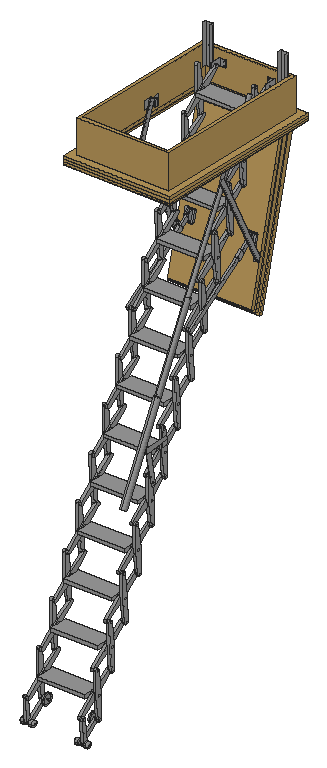
Revit family "schaartrap_Large Ei-60-H 700x1200mm", category Generic Models, Revit 2019
Family settings
  Can host rebar = No
  Round Connector Dimension = Use Diameter
  Part Type = Normal
  Work Plane-Based = Yes
  Always vertical = Yes
  Cut with Voids When Loaded = No
  Shared = Yes
  Room Calculation Point = No
Parameters
  schaartrap = gietaluminium
  deksel = hout
  bovenliggende treden = yes
  URL = "https://www.gortergroup.com/nl/producten/ladders-en-trappen/schaartrappen/large-ei-60.html"
  Model = "Large Ei-60-H 700x1200mm"  # constant formula
  Default Elevation = 0 mm
Reference planes
  plane 1 "Center (Front/Back)": y = 0
  plane 2: z = 0
  plane 3 "Center (Left/Right)": x = 0
  plane 4: x = 183
  plane 5: x = -183
  plane 6: x = 203
  plane 7: x = 223
  plane 8: x = -203
  plane 9: x = -223
  plane 10: x = 342.5
  plane 11: x = -342.5
  plane 12: x = 187
  plane 13: z = 3135.001
  plane 14: z = 3165.001
  plane 15: z = 3150.001
  plane 16: through (0, 253.817, 931.374) normal (0, 0.8358, -0.5491)
  plane 17: x = -342
  plane 18: x = -327
  plane 19: x = -312
  plane 20: x = 342
  plane 21: x = 327
  plane 22: x = 312
  plane 23: through (0, 138.969, 1377.523) normal (0, 0.9283, -0.3719)
  plane 24 "bk. omtimmering": z = 3250
  plane 25: x = 395
  plane 26: x = -395
  plane 27 "traplijn": through (0, 1349.092, 3113.006) normal (0, -0.9104, 0.4136)
  plane 28 "Center L/U": z = 3750
  plane 29: z = 3500
  plane 30: y = 648.321
  plane 31: y = 1838.321
Forms (mm)
  Extrusion 1, solid, material "gietaluminium" <- "schaartrap", not visible
    sketch origin (0, 1287.292, 0) x (0, 1, 0) y (0, 0, 1)
      loop
        arc (383.463, 491.215) -> (402.907, 492.835) -> (404.412, 512.289) r 15.051
        line (404.412, 512.289) -> (266.613, 611.373)
        arc (266.613, 611.373) -> (251.68, 609.471) -> (253.23, 594.497) r 10.772
        line (253.23, 594.497) -> (383.463, 491.215)
      loop
        arc (257.005, 811.319) -> (199.081, 850.666) -> (139.166, 886.911) r 1330.136
        arc (139.166, 886.911) -> (124.945, 883.983) -> (126.016, 869.503) r 11
        arc (126.016, 869.503) -> (191.997, 808.952) -> (261.902, 752.979) r 1330.136
        arc (261.902, 752.979) -> (329.343, 705.788) -> (399.574, 662.858) r 1330.136
        arc (399.574, 662.858) -> (413.795, 665.786) -> (412.724, 680.266) r 11
        arc (412.724, 680.266) -> (337.375, 748.775) -> (257.005, 811.319) r 1330.136
      loop
        arc (133.415, 1083.359) -> (75.49, 1122.706) -> (15.576, 1158.951) r 1330.136
        arc (15.576, 1158.951) -> (1.355, 1156.022) -> (2.426, 1141.543) r 11
        arc (2.426, 1141.543) -> (68.406, 1080.992) -> (138.312, 1025.019) r 1330.136
        arc (138.312, 1025.019) -> (205.753, 977.827) -> (275.984, 934.898) r 1330.136
        arc (275.984, 934.898) -> (290.205, 937.826) -> (289.134, 952.306) r 11
        arc (289.134, 952.306) -> (213.785, 1020.815) -> (133.415, 1083.359) r 1330.136
      loop
        arc (9.825, 1355.398) -> (-48.1, 1394.746) -> (-108.015, 1430.99) r 1330.136
        arc (-108.015, 1430.99) -> (-122.236, 1428.062) -> (-121.165, 1413.582) r 11
        arc (-121.165, 1413.582) -> (-55.184, 1353.032) -> (14.722, 1297.058) r 1330.136
        arc (14.722, 1297.058) -> (82.163, 1249.867) -> (152.393, 1206.938) r 1330.136
        arc (152.393, 1206.938) -> (166.614, 1209.866) -> (165.543, 1224.346) r 11
        arc (165.543, 1224.346) -> (90.194, 1292.855) -> (9.825, 1355.398) r 1330.136
      loop
        arc (-113.765, 1627.438) -> (-171.69, 1666.785) -> (-231.605, 1703.03) r 1330.136
        arc (-231.605, 1703.03) -> (-245.826, 1700.102) -> (-244.755, 1685.622) r 11
        arc (-244.755, 1685.622) -> (-178.774, 1625.072) -> (-108.869, 1569.098) r 1330.136
        arc (-108.869, 1569.098) -> (-41.428, 1521.907) -> (28.803, 1478.977) r 1330.136
        arc (28.803, 1478.977) -> (43.024, 1481.906) -> (41.953, 1496.385) r 11
        arc (41.953, 1496.385) -> (-33.396, 1564.894) -> (-113.765, 1627.438) r 1330.136
      loop
        arc (-237.356, 1899.478) -> (-295.28, 1938.825) -> (-355.195, 1975.07) r 1330.136
        arc (-355.195, 1975.07) -> (-369.416, 1972.141) -> (-368.345, 1957.662) r 11
        arc (-368.345, 1957.662) -> (-302.364, 1897.111) -> (-232.459, 1841.138) r 1330.136
        arc (-232.459, 1841.138) -> (-165.018, 1793.947) -> (-94.787, 1751.017) r 1330.136
        arc (-94.787, 1751.017) -> (-80.566, 1753.945) -> (-81.637, 1768.425) r 11
        arc (-81.637, 1768.425) -> (-156.986, 1836.934) -> (-237.356, 1899.478) r 1330.136
      loop
        arc (-360.946, 2171.517) -> (-418.87, 2210.865) -> (-478.785, 2247.109) r 1330.136
        arc (-478.785, 2247.109) -> (-493.006, 2244.181) -> (-491.935, 2229.701) r 11
        arc (-491.935, 2229.701) -> (-425.955, 2169.151) -> (-356.049, 2113.178) r 1330.136
        arc (-356.049, 2113.178) -> (-288.608, 2065.986) -> (-218.377, 2023.057) r 1330.136
        arc (-218.377, 2023.057) -> (-204.156, 2025.985) -> (-205.227, 2040.465) r 11
        arc (-205.227, 2040.465) -> (-280.576, 2108.974) -> (-360.946, 2171.517) r 1330.136
      loop
        arc (-484.536, 2443.557) -> (-542.461, 2482.905) -> (-602.375, 2519.149) r 1330.136
        arc (-602.375, 2519.149) -> (-616.596, 2516.221) -> (-615.525, 2501.741) r 11
        arc (-615.525, 2501.741) -> (-549.545, 2441.191) -> (-479.639, 2385.217) r 1330.136
        arc (-479.639, 2385.217) -> (-412.198, 2338.026) -> (-341.967, 2295.096) r 1330.136
        arc (-341.967, 2295.096) -> (-327.746, 2298.025) -> (-328.817, 2312.504) r 11
        arc (-328.817, 2312.504) -> (-404.167, 2381.014) -> (-484.536, 2443.557) r 1330.136
      loop
        arc (-608.126, 2715.597) -> (-666.051, 2754.944) -> (-725.966, 2791.189) r 1330.136
        arc (-725.966, 2791.189) -> (-740.187, 2788.261) -> (-739.116, 2773.781) r 11
        arc (-739.116, 2773.781) -> (-673.135, 2713.23) -> (-603.229, 2657.257) r 1330.136
        arc (-603.229, 2657.257) -> (-535.788, 2610.066) -> (-465.558, 2567.136) r 1330.136
        arc (-465.558, 2567.136) -> (-451.337, 2570.064) -> (-452.408, 2584.544) r 11
        arc (-452.408, 2584.544) -> (-527.757, 2653.053) -> (-608.126, 2715.597) r 1330.136
      loop
        arc (-731.717, 2987.637) -> (-789.641, 3026.984) -> (-849.556, 3063.228) r 1330.136
        arc (-849.556, 3063.228) -> (-863.777, 3060.3) -> (-862.706, 3045.82) r 11
        arc (-862.706, 3045.82) -> (-796.725, 2985.27) -> (-726.82, 2929.297) r 1330.136
        arc (-726.82, 2929.297) -> (-659.379, 2882.105) -> (-589.148, 2839.176) r 1330.136
        arc (-589.148, 2839.176) -> (-574.927, 2842.104) -> (-575.998, 2856.584) r 11
        arc (-575.998, 2856.584) -> (-651.347, 2925.093) -> (-731.717, 2987.637) r 1330.136
      loop
        arc (-978.897, 3531.716) -> (-1036.821, 3571.063) -> (-1096.736, 3607.308) r 1330.136
        arc (-1096.736, 3607.308) -> (-1110.957, 3604.38) -> (-1109.886, 3589.9) r 11
        arc (-1109.886, 3589.9) -> (-1043.906, 3529.349) -> (-974, 3473.376) r 1330.136
        arc (-974, 3473.376) -> (-906.559, 3426.185) -> (-836.328, 3383.255) r 1330.136
        arc (-836.328, 3383.255) -> (-822.107, 3386.183) -> (-823.178, 3400.663) r 11
        arc (-823.178, 3400.663) -> (-898.527, 3469.172) -> (-978.897, 3531.716) r 1330.136
      loop
        arc (-855.307, 3259.676) -> (-913.231, 3299.024) -> (-973.146, 3335.268) r 1330.136
        arc (-973.146, 3335.268) -> (-987.367, 3332.34) -> (-986.296, 3317.86) r 11
        arc (-986.296, 3317.86) -> (-920.315, 3257.31) -> (-850.41, 3201.336) r 1330.136
        arc (-850.41, 3201.336) -> (-782.969, 3154.145) -> (-712.738, 3111.216) r 1330.136
        arc (-712.738, 3111.216) -> (-698.517, 3114.144) -> (-699.588, 3128.624) r 11
        arc (-699.588, 3128.624) -> (-774.937, 3197.133) -> (-855.307, 3259.676) r 1330.136
      loop
        arc (-1102.487, 3803.756) -> (-1160.412, 3843.103) -> (-1220.326, 3879.348) r 1330.136
        arc (-1220.326, 3879.348) -> (-1234.548, 3876.419) -> (-1233.476, 3861.94) r 11
        arc (-1233.476, 3861.94) -> (-1167.496, 3801.389) -> (-1097.59, 3745.416) r 1330.136
        arc (-1097.59, 3745.416) -> (-1030.149, 3698.224) -> (-959.918, 3655.295) r 1330.136
        arc (-959.918, 3655.295) -> (-945.697, 3658.223) -> (-946.768, 3672.703) r 11
        arc (-946.768, 3672.703) -> (-1022.118, 3741.212) -> (-1102.487, 3803.756) r 1330.136
      loop
        arc (-1226.077, 4075.795) -> (-1284.002, 4115.143) -> (-1343.917, 4151.387) r 1330.136
        arc (-1343.917, 4151.387) -> (-1358.138, 4148.459) -> (-1357.067, 4133.979) r 11
        arc (-1357.067, 4133.979) -> (-1291.086, 4073.429) -> (-1221.18, 4017.455) r 1330.136
        arc (-1221.18, 4017.455) -> (-1153.739, 3970.264) -> (-1083.509, 3927.335) r 1330.136
        arc (-1083.509, 3927.335) -> (-1069.288, 3930.263) -> (-1070.359, 3944.743) r 11
        arc (-1070.359, 3944.743) -> (-1145.708, 4013.252) -> (-1226.077, 4075.795) r 1330.136
    from 366 to 386
  Extrusion 2, solid, material "gietaluminium" <- "schaartrap", not visible
    sketch origin (0, 1287.292, 0) x (0, 1, 0) y (0, 0, 1)
      loop
        arc (377.917, 499.393) -> (393.062, 487.789) -> (407.56, 500.192) r 15.158
        line (407.56, 500.192) -> (415.513, 667.728)
        arc (415.513, 667.728) -> (405.532, 679.238) -> (394.023, 669.256) r 10.772
        line (394.023, 669.256) -> (377.917, 499.393)
      loop
        arc (246.331, 604.672) -> (256.532, 594.34) -> (268.092, 603.125) r 11
        arc (268.092, 603.125) -> (291.314, 773.324) -> (292.409, 945.097) r 1330.136
        arc (292.409, 945.097) -> (282.208, 955.429) -> (270.647, 946.644) r 11
        arc (270.647, 946.644) -> (247.425, 776.445) -> (246.331, 604.672) r 1330.136
      loop
        arc (122.741, 876.712) -> (132.942, 866.38) -> (144.502, 875.165) r 11
        arc (144.502, 875.165) -> (167.724, 1045.364) -> (168.819, 1217.136) r 1330.136
        arc (168.819, 1217.136) -> (158.617, 1227.468) -> (147.057, 1218.684) r 11
        arc (147.057, 1218.684) -> (123.835, 1048.485) -> (122.741, 876.712) r 1330.136
      loop
        arc (-0.85, 1148.752) -> (9.352, 1138.42) -> (20.912, 1147.204) r 11
        arc (20.912, 1147.204) -> (44.134, 1317.404) -> (45.228, 1489.176) r 1330.136
        arc (45.228, 1489.176) -> (35.027, 1499.508) -> (23.467, 1490.724) r 11
        arc (23.467, 1490.724) -> (0.245, 1320.524) -> (-0.85, 1148.752) r 1330.136
      loop
        arc (-124.44, 1420.791) -> (-114.239, 1410.46) -> (-102.678, 1419.244) r 11
        arc (-102.678, 1419.244) -> (-79.456, 1589.443) -> (-78.362, 1761.216) r 1330.136
        arc (-78.362, 1761.216) -> (-88.563, 1771.548) -> (-100.123, 1762.763) r 11
        arc (-100.123, 1762.763) -> (-123.345, 1592.564) -> (-124.44, 1420.791) r 1330.136
      loop
        arc (-248.03, 1692.831) -> (-237.829, 1682.499) -> (-226.268, 1691.284) r 11
        arc (-226.268, 1691.284) -> (-203.046, 1861.483) -> (-201.952, 2033.256) r 1330.136
        arc (-201.952, 2033.256) -> (-212.153, 2043.588) -> (-223.714, 2034.803) r 11
        arc (-223.714, 2034.803) -> (-246.936, 1864.604) -> (-248.03, 1692.831) r 1330.136
      loop
        arc (-371.62, 1964.871) -> (-361.419, 1954.539) -> (-349.859, 1963.323) r 11
        arc (-349.859, 1963.323) -> (-326.637, 2133.523) -> (-325.542, 2305.295) r 1330.136
        arc (-325.542, 2305.295) -> (-335.743, 2315.627) -> (-347.304, 2306.843) r 11
        arc (-347.304, 2306.843) -> (-370.526, 2136.643) -> (-371.62, 1964.871) r 1330.136
      loop
        arc (-495.21, 2236.911) -> (-485.009, 2226.579) -> (-473.449, 2235.363) r 11
        arc (-473.449, 2235.363) -> (-450.227, 2405.562) -> (-449.132, 2577.335) r 1330.136
        arc (-449.132, 2577.335) -> (-459.334, 2587.667) -> (-470.894, 2578.882) r 11
        arc (-470.894, 2578.882) -> (-494.116, 2408.683) -> (-495.21, 2236.911) r 1330.136
      loop
        arc (-618.801, 2508.95) -> (-608.599, 2498.618) -> (-597.039, 2507.403) r 11
        arc (-597.039, 2507.403) -> (-573.817, 2677.602) -> (-572.723, 2849.375) r 1330.136
        arc (-572.723, 2849.375) -> (-582.924, 2859.707) -> (-594.484, 2850.922) r 11
        arc (-594.484, 2850.922) -> (-617.706, 2680.723) -> (-618.801, 2508.95) r 1330.136
      loop
        arc (-742.391, 2780.99) -> (-732.19, 2770.658) -> (-720.629, 2779.443) r 11
        arc (-720.629, 2779.443) -> (-697.407, 2949.642) -> (-696.313, 3121.414) r 1330.136
        arc (-696.313, 3121.414) -> (-706.514, 3131.746) -> (-718.074, 3122.962) r 11
        arc (-718.074, 3122.962) -> (-741.296, 2952.763) -> (-742.391, 2780.99) r 1330.136
      loop
        arc (-865.981, 3053.03) -> (-855.78, 3042.698) -> (-844.219, 3051.482) r 11
        arc (-844.219, 3051.482) -> (-820.997, 3221.681) -> (-819.903, 3393.454) r 1330.136
        arc (-819.903, 3393.454) -> (-830.104, 3403.786) -> (-841.665, 3395.001) r 11
        arc (-841.665, 3395.001) -> (-864.887, 3224.802) -> (-865.981, 3053.03) r 1330.136
      loop
        arc (-989.571, 3325.069) -> (-979.37, 3314.737) -> (-967.81, 3323.522) r 11
        arc (-967.81, 3323.522) -> (-944.588, 3493.721) -> (-943.493, 3665.494) r 1330.136
        arc (-943.493, 3665.494) -> (-953.694, 3675.826) -> (-965.255, 3667.041) r 11
        arc (-965.255, 3667.041) -> (-988.477, 3496.842) -> (-989.571, 3325.069) r 1330.136
      loop
        arc (-1113.161, 3597.109) -> (-1102.96, 3586.777) -> (-1091.4, 3595.562) r 11
        arc (-1091.4, 3595.562) -> (-1068.178, 3765.761) -> (-1067.083, 3937.533) r 1330.136
        arc (-1067.083, 3937.533) -> (-1077.285, 3947.865) -> (-1088.845, 3939.081) r 11
        arc (-1088.845, 3939.081) -> (-1112.067, 3768.882) -> (-1113.161, 3597.109) r 1330.136
      loop
        arc (-1236.752, 3869.149) -> (-1226.55, 3858.817) -> (-1214.99, 3867.601) r 11
        arc (-1214.99, 3867.601) -> (-1191.768, 4037.801) -> (-1190.674, 4209.573) r 1330.136
        arc (-1190.674, 4209.573) -> (-1200.875, 4219.905) -> (-1212.435, 4211.121) r 11
        arc (-1212.435, 4211.121) -> (-1235.657, 4040.921) -> (-1236.752, 3869.149) r 1330.136
    from 386 to 406
  Extrusion 3, solid, material "gietaluminium" <- "schaartrap", not visible
    sketch origin (0, 1283.562, -1.256) x (0, 1, 0) y (0, 0, 1)
      loop
        circle (261.042, 606.569) r 5
      loop
        circle (408.747, 673.673) r 5.05
      loop
        circle (273.099, 776.141) r 5.05
      loop
        circle (137.451, 878.608) r 5.05
      loop
        circle (285.157, 945.712) r 5.05
      loop
        circle (149.509, 1048.18) r 5.05
      loop
        circle (13.861, 1150.648) r 5.05
      loop
        circle (161.567, 1217.752) r 5.05
      loop
        circle (25.919, 1320.22) r 5.05
      loop
        circle (-109.729, 1422.688) r 5.05
      loop
        circle (37.976, 1489.792) r 5.05
      loop
        circle (-97.671, 1592.26) r 5.05
      loop
        circle (-233.319, 1694.728) r 5.05
      loop
        circle (-85.614, 1761.832) r 5.05
      loop
        circle (-221.262, 1864.299) r 5.05
      loop
        circle (-356.909, 1966.767) r 5.05
      loop
        circle (-344.852, 2136.339) r 5.05
      loop
        circle (-209.204, 2033.871) r 5.05
      loop
        circle (-480.5, 2238.807) r 5.05
      loop
        circle (-332.794, 2305.911) r 5.05
      loop
        circle (-468.442, 2408.379) r 5.05
      loop
        circle (-604.09, 2510.847) r 5.05
      loop
        circle (-456.384, 2577.951) r 5.05
      loop
        circle (-592.032, 2680.419) r 5.05
      loop
        circle (-727.68, 2782.886) r 5.05
      loop
        circle (-579.975, 2849.99) r 5.25
      loop
        circle (-715.622, 2952.258) r 5.05
      loop
        circle (-851.27, 3054.726) r 5.05
      loop
        circle (-703.565, 3122.03) r 5.05
      loop
        circle (-839.213, 3224.498) r 5.05
      loop
        circle (-974.86, 3326.966) r 5.05
      loop
        circle (-827.155, 3394.07) r 5.05
      loop
        circle (-962.803, 3496.538) r 5.05
      loop
        circle (-1098.451, 3599.005) r 5.05
      loop
        circle (-950.745, 3666.109) r 5.05
      loop
        circle (-1086.393, 3768.577) r 5.05
      loop
        circle (-1222.041, 3871.045) r 5.05
      loop
        circle (-1074.335, 3938.149) r 5.05
      loop
        circle (-1209.983, 4040.617) r 5.05
      loop
        circle (-1197.926, 4210.189) r 5.05
    from 406 to 411
  Extrusion 4, solid, material "gietaluminium" <- "schaartrap"
    sketch origin (0, 1700.252, -482.845) x (0, -1, 0) y (0, 0, -1)
      loop
        line (1488.321, -792.514) -> (1625.315, -791.253) -> (1625.094, -767.255) -> (1488.1, -768.515) -> (1488.321, -792.514)
      loop
        line (1364.731, -1064.554) -> (1501.725, -1063.293) -> (1501.504, -1039.294) -> (1364.51, -1040.555) -> (1364.731, -1064.554)
      loop
        line (1241.14, -1336.594) -> (1378.135, -1335.333) -> (1377.914, -1311.334) -> (1240.92, -1312.595) -> (1241.14, -1336.594)
      loop
        line (1117.55, -1608.633) -> (1254.544, -1607.373) -> (1254.324, -1583.374) -> (1117.329, -1584.634) -> (1117.55, -1608.633)
      loop
        line (993.96, -1880.673) -> (1130.954, -1879.412) -> (1130.733, -1855.413) -> (993.739, -1856.674) -> (993.96, -1880.673)
      loop
        line (870.37, -2152.713) -> (1007.364, -2151.452) -> (1007.143, -2127.453) -> (870.149, -2128.714) -> (870.37, -2152.713)
      loop
        line (746.78, -2424.752) -> (883.774, -2423.492) -> (883.553, -2399.493) -> (746.559, -2400.753) -> (746.78, -2424.752)
      loop
        line (623.189, -2696.792) -> (760.184, -2695.531) -> (759.963, -2671.532) -> (622.969, -2672.793) -> (623.189, -2696.792)
      loop
        line (499.599, -2968.832) -> (636.593, -2967.571) -> (636.373, -2943.572) -> (499.378, -2944.833) -> (499.599, -2968.832)
      loop
        line (376.009, -3240.871) -> (513.003, -3239.611) -> (512.782, -3215.612) -> (375.788, -3216.872) -> (376.009, -3240.871)
      loop
        line (252.419, -3512.911) -> (389.413, -3511.65) -> (389.192, -3487.651) -> (252.198, -3488.912) -> (252.419, -3512.911)
      loop
        line (128.829, -3784.951) -> (265.823, -3783.69) -> (265.602, -3759.691) -> (128.608, -3760.952) -> (128.829, -3784.951)
      loop
        line (5.238, -4056.991) -> (142.233, -4055.73) -> (142.012, -4031.731) -> (5.018, -4032.992) -> (5.238, -4056.991)
    from -176.5 to 176.5
  Extrusion 5, solid, material "gietaluminium" <- "schaartrap", not visible
    sketch origin (-7, 3322.714, 458.276) x (0, 1, 0) y (0, 0, 1)
      loop
        arc (-1753.943, 115.163) -> (-1739.778, 158.467) -> (-1775.347, 186.941) r 40
        arc (-1775.347, 186.941) -> (-1816.443, 135.606) -> (-1753.943, 115.163) r 40
      loop
        arc (-1756.791, 116.796) -> (-1742.692, 157.739) -> (-1777.105, 184.023) r 37
        arc (-1777.105, 184.023) -> (-1813.529, 136.334) -> (-1756.791, 116.796) r 37
    from 359 to 370
  Extrusion 6, solid, material "gietaluminium" <- "schaartrap", not visible
    sketch origin (183, 3322.714, 458.276) x (0, 1, 0) y (0, 0, 1)
      loop
        arc (-1777.105, 184.023) -> (-1813.529, 136.334) -> (-1756.791, 116.796) r 37
        arc (-1756.791, 116.796) -> (-1742.692, 157.739) -> (-1777.105, 184.023) r 37
    from 173 to 176.5
  Extrusion 7, solid, material "gietaluminium" <- "schaartrap", not visible
    sketch origin (701, 3325.594, 458.279) x (0, 1, 0) y (0, 0, -1)
      loop
        circle (-1783.87, -147.037) r 5
    from 359 to 335
  Extrusion 8, solid, material "gietaluminium" <- "schaartrap"
    sketch origin (183, 412.96, -482.845) x (0, -1, 0) y (0, 0, 1)
      loop
        arc (383.463, 491.215) -> (402.907, 492.835) -> (404.412, 512.289) r 15.051
        line (404.412, 512.289) -> (266.613, 611.373)
        arc (266.613, 611.373) -> (251.68, 609.471) -> (253.23, 594.497) r 10.772
        line (253.23, 594.497) -> (383.463, 491.215)
      loop
        arc (257.005, 811.319) -> (199.081, 850.666) -> (139.166, 886.911) r 1330.136
        arc (139.166, 886.911) -> (124.945, 883.983) -> (126.016, 869.503) r 11
        arc (126.016, 869.503) -> (191.997, 808.952) -> (261.902, 752.979) r 1330.136
        arc (261.902, 752.979) -> (329.343, 705.788) -> (399.574, 662.858) r 1330.136
        arc (399.574, 662.858) -> (413.795, 665.786) -> (412.724, 680.266) r 11
        arc (412.724, 680.266) -> (337.375, 748.775) -> (257.005, 811.319) r 1330.136
      loop
        arc (133.415, 1083.359) -> (75.49, 1122.706) -> (15.576, 1158.951) r 1330.136
        arc (15.576, 1158.951) -> (1.355, 1156.022) -> (2.426, 1141.543) r 11
        arc (2.426, 1141.543) -> (68.406, 1080.992) -> (138.312, 1025.019) r 1330.136
        arc (138.312, 1025.019) -> (205.753, 977.827) -> (275.984, 934.898) r 1330.136
        arc (275.984, 934.898) -> (290.205, 937.826) -> (289.134, 952.306) r 11
        arc (289.134, 952.306) -> (213.785, 1020.815) -> (133.415, 1083.359) r 1330.136
      loop
        arc (9.825, 1355.398) -> (-48.1, 1394.746) -> (-108.015, 1430.99) r 1330.136
        arc (-108.015, 1430.99) -> (-122.236, 1428.062) -> (-121.165, 1413.582) r 11
        arc (-121.165, 1413.582) -> (-55.184, 1353.032) -> (14.722, 1297.058) r 1330.136
        arc (14.722, 1297.058) -> (82.163, 1249.867) -> (152.393, 1206.938) r 1330.136
        arc (152.393, 1206.938) -> (166.614, 1209.866) -> (165.543, 1224.346) r 11
        arc (165.543, 1224.346) -> (90.194, 1292.855) -> (9.825, 1355.398) r 1330.136
      loop
        arc (-113.765, 1627.438) -> (-171.69, 1666.785) -> (-231.605, 1703.03) r 1330.136
        arc (-231.605, 1703.03) -> (-245.826, 1700.102) -> (-244.755, 1685.622) r 11
        arc (-244.755, 1685.622) -> (-178.774, 1625.072) -> (-108.869, 1569.098) r 1330.136
        arc (-108.869, 1569.098) -> (-41.428, 1521.907) -> (28.803, 1478.977) r 1330.136
        arc (28.803, 1478.977) -> (43.024, 1481.906) -> (41.953, 1496.385) r 11
        arc (41.953, 1496.385) -> (-33.396, 1564.894) -> (-113.765, 1627.438) r 1330.136
      loop
        arc (-237.356, 1899.478) -> (-295.28, 1938.825) -> (-355.195, 1975.07) r 1330.136
        arc (-355.195, 1975.07) -> (-369.416, 1972.141) -> (-368.345, 1957.662) r 11
        arc (-368.345, 1957.662) -> (-302.364, 1897.111) -> (-232.459, 1841.138) r 1330.136
        arc (-232.459, 1841.138) -> (-165.018, 1793.947) -> (-94.787, 1751.017) r 1330.136
        arc (-94.787, 1751.017) -> (-80.566, 1753.945) -> (-81.637, 1768.425) r 11
        arc (-81.637, 1768.425) -> (-156.986, 1836.934) -> (-237.356, 1899.478) r 1330.136
      loop
        arc (-360.946, 2171.517) -> (-418.87, 2210.865) -> (-478.785, 2247.109) r 1330.136
        arc (-478.785, 2247.109) -> (-493.006, 2244.181) -> (-491.935, 2229.701) r 11
        arc (-491.935, 2229.701) -> (-425.955, 2169.151) -> (-356.049, 2113.178) r 1330.136
        arc (-356.049, 2113.178) -> (-288.608, 2065.986) -> (-218.377, 2023.057) r 1330.136
        arc (-218.377, 2023.057) -> (-204.156, 2025.985) -> (-205.227, 2040.465) r 11
        arc (-205.227, 2040.465) -> (-280.576, 2108.974) -> (-360.946, 2171.517) r 1330.136
      loop
        arc (-484.536, 2443.557) -> (-542.461, 2482.905) -> (-602.375, 2519.149) r 1330.136
        arc (-602.375, 2519.149) -> (-616.596, 2516.221) -> (-615.525, 2501.741) r 11
        arc (-615.525, 2501.741) -> (-549.545, 2441.191) -> (-479.639, 2385.217) r 1330.136
        arc (-479.639, 2385.217) -> (-412.198, 2338.026) -> (-341.967, 2295.096) r 1330.136
        arc (-341.967, 2295.096) -> (-327.746, 2298.025) -> (-328.817, 2312.504) r 11
        arc (-328.817, 2312.504) -> (-404.167, 2381.014) -> (-484.536, 2443.557) r 1330.136
      loop
        arc (-608.126, 2715.597) -> (-666.051, 2754.944) -> (-725.966, 2791.189) r 1330.136
        arc (-725.966, 2791.189) -> (-740.187, 2788.261) -> (-739.116, 2773.781) r 11
        arc (-739.116, 2773.781) -> (-673.135, 2713.23) -> (-603.229, 2657.257) r 1330.136
        arc (-603.229, 2657.257) -> (-535.788, 2610.066) -> (-465.558, 2567.136) r 1330.136
        arc (-465.558, 2567.136) -> (-451.337, 2570.064) -> (-452.408, 2584.544) r 11
        arc (-452.408, 2584.544) -> (-527.757, 2653.053) -> (-608.126, 2715.597) r 1330.136
      loop
        arc (-731.717, 2987.637) -> (-789.641, 3026.984) -> (-849.556, 3063.228) r 1330.136
        arc (-849.556, 3063.228) -> (-863.777, 3060.3) -> (-862.706, 3045.82) r 11
        arc (-862.706, 3045.82) -> (-796.725, 2985.27) -> (-726.82, 2929.297) r 1330.136
        arc (-726.82, 2929.297) -> (-659.379, 2882.105) -> (-589.148, 2839.176) r 1330.136
        arc (-589.148, 2839.176) -> (-574.927, 2842.104) -> (-575.998, 2856.584) r 11
        arc (-575.998, 2856.584) -> (-651.347, 2925.093) -> (-731.717, 2987.637) r 1330.136
      loop
        arc (-978.897, 3531.716) -> (-1036.821, 3571.063) -> (-1096.736, 3607.308) r 1330.136
        arc (-1096.736, 3607.308) -> (-1110.957, 3604.38) -> (-1109.886, 3589.9) r 11
        arc (-1109.886, 3589.9) -> (-1043.906, 3529.349) -> (-974, 3473.376) r 1330.136
        arc (-974, 3473.376) -> (-906.559, 3426.185) -> (-836.328, 3383.255) r 1330.136
        arc (-836.328, 3383.255) -> (-822.107, 3386.183) -> (-823.178, 3400.663) r 11
        arc (-823.178, 3400.663) -> (-898.527, 3469.172) -> (-978.897, 3531.716) r 1330.136
      loop
        arc (-855.307, 3259.676) -> (-913.231, 3299.024) -> (-973.146, 3335.268) r 1330.136
        arc (-973.146, 3335.268) -> (-987.367, 3332.34) -> (-986.296, 3317.86) r 11
        arc (-986.296, 3317.86) -> (-920.315, 3257.31) -> (-850.41, 3201.336) r 1330.136
        arc (-850.41, 3201.336) -> (-782.969, 3154.145) -> (-712.738, 3111.216) r 1330.136
        arc (-712.738, 3111.216) -> (-698.517, 3114.144) -> (-699.588, 3128.624) r 11
        arc (-699.588, 3128.624) -> (-774.937, 3197.133) -> (-855.307, 3259.676) r 1330.136
      loop
        arc (-1102.487, 3803.756) -> (-1160.412, 3843.103) -> (-1220.326, 3879.348) r 1330.136
        arc (-1220.326, 3879.348) -> (-1234.548, 3876.419) -> (-1233.476, 3861.94) r 11
        arc (-1233.476, 3861.94) -> (-1167.496, 3801.389) -> (-1097.59, 3745.416) r 1330.136
        arc (-1097.59, 3745.416) -> (-1030.149, 3698.224) -> (-959.918, 3655.295) r 1330.136
        arc (-959.918, 3655.295) -> (-945.697, 3658.223) -> (-946.768, 3672.703) r 11
        arc (-946.768, 3672.703) -> (-1022.118, 3741.212) -> (-1102.487, 3803.756) r 1330.136
      loop
        arc (-1226.077, 4075.795) -> (-1284.002, 4115.143) -> (-1343.917, 4151.387) r 1330.136
        arc (-1343.917, 4151.387) -> (-1358.138, 4148.459) -> (-1357.067, 4133.979) r 11
        arc (-1357.067, 4133.979) -> (-1291.086, 4073.429) -> (-1221.18, 4017.455) r 1330.136
        arc (-1221.18, 4017.455) -> (-1153.739, 3970.264) -> (-1083.509, 3927.335) r 1330.136
        arc (-1083.509, 3927.335) -> (-1069.288, 3930.263) -> (-1070.359, 3944.743) r 11
        arc (-1070.359, 3944.743) -> (-1145.708, 4013.252) -> (-1226.077, 4075.795) r 1330.136
    from 366 to 386
  Extrusion 9, solid, material "gietaluminium" <- "schaartrap"
    sketch origin (183, 412.96, -482.845) x (0, -1, 0) y (0, 0, 1)
      loop
        arc (377.917, 499.393) -> (393.062, 487.789) -> (407.56, 500.192) r 15.158
        line (407.56, 500.192) -> (415.513, 667.728)
        arc (415.513, 667.728) -> (405.532, 679.238) -> (394.023, 669.256) r 10.772
        line (394.023, 669.256) -> (377.917, 499.393)
      loop
        arc (246.331, 604.672) -> (256.532, 594.34) -> (268.092, 603.125) r 11
        arc (268.092, 603.125) -> (291.314, 773.324) -> (292.409, 945.097) r 1330.136
        arc (292.409, 945.097) -> (282.208, 955.429) -> (270.647, 946.644) r 11
        arc (270.647, 946.644) -> (247.425, 776.445) -> (246.331, 604.672) r 1330.136
      loop
        arc (122.741, 876.712) -> (132.942, 866.38) -> (144.502, 875.165) r 11
        arc (144.502, 875.165) -> (167.724, 1045.364) -> (168.819, 1217.136) r 1330.136
        arc (168.819, 1217.136) -> (158.617, 1227.468) -> (147.057, 1218.684) r 11
        arc (147.057, 1218.684) -> (123.835, 1048.485) -> (122.741, 876.712) r 1330.136
      loop
        arc (-0.85, 1148.752) -> (9.352, 1138.42) -> (20.912, 1147.204) r 11
        arc (20.912, 1147.204) -> (44.134, 1317.404) -> (45.228, 1489.176) r 1330.136
        arc (45.228, 1489.176) -> (35.027, 1499.508) -> (23.467, 1490.724) r 11
        arc (23.467, 1490.724) -> (0.245, 1320.524) -> (-0.85, 1148.752) r 1330.136
      loop
        arc (-124.44, 1420.791) -> (-114.239, 1410.46) -> (-102.678, 1419.244) r 11
        arc (-102.678, 1419.244) -> (-79.456, 1589.443) -> (-78.362, 1761.216) r 1330.136
        arc (-78.362, 1761.216) -> (-88.563, 1771.548) -> (-100.123, 1762.763) r 11
        arc (-100.123, 1762.763) -> (-123.345, 1592.564) -> (-124.44, 1420.791) r 1330.136
      loop
        arc (-248.03, 1692.831) -> (-237.829, 1682.499) -> (-226.268, 1691.284) r 11
        arc (-226.268, 1691.284) -> (-203.046, 1861.483) -> (-201.952, 2033.256) r 1330.136
        arc (-201.952, 2033.256) -> (-212.153, 2043.588) -> (-223.714, 2034.803) r 11
        arc (-223.714, 2034.803) -> (-246.936, 1864.604) -> (-248.03, 1692.831) r 1330.136
      loop
        arc (-371.62, 1964.871) -> (-361.419, 1954.539) -> (-349.859, 1963.323) r 11
        arc (-349.859, 1963.323) -> (-326.637, 2133.523) -> (-325.542, 2305.295) r 1330.136
        arc (-325.542, 2305.295) -> (-335.743, 2315.627) -> (-347.304, 2306.843) r 11
        arc (-347.304, 2306.843) -> (-370.526, 2136.643) -> (-371.62, 1964.871) r 1330.136
      loop
        arc (-495.21, 2236.911) -> (-485.009, 2226.579) -> (-473.449, 2235.363) r 11
        arc (-473.449, 2235.363) -> (-450.227, 2405.562) -> (-449.132, 2577.335) r 1330.136
        arc (-449.132, 2577.335) -> (-459.334, 2587.667) -> (-470.894, 2578.882) r 11
        arc (-470.894, 2578.882) -> (-494.116, 2408.683) -> (-495.21, 2236.911) r 1330.136
      loop
        arc (-618.801, 2508.95) -> (-608.599, 2498.618) -> (-597.039, 2507.403) r 11
        arc (-597.039, 2507.403) -> (-573.817, 2677.602) -> (-572.723, 2849.375) r 1330.136
        arc (-572.723, 2849.375) -> (-582.924, 2859.707) -> (-594.484, 2850.922) r 11
        arc (-594.484, 2850.922) -> (-617.706, 2680.723) -> (-618.801, 2508.95) r 1330.136
      loop
        arc (-742.391, 2780.99) -> (-732.19, 2770.658) -> (-720.629, 2779.443) r 11
        arc (-720.629, 2779.443) -> (-697.407, 2949.642) -> (-696.313, 3121.414) r 1330.136
        arc (-696.313, 3121.414) -> (-706.514, 3131.746) -> (-718.074, 3122.962) r 11
        arc (-718.074, 3122.962) -> (-741.296, 2952.763) -> (-742.391, 2780.99) r 1330.136
      loop
        arc (-865.981, 3053.03) -> (-855.78, 3042.698) -> (-844.219, 3051.482) r 11
        arc (-844.219, 3051.482) -> (-820.997, 3221.681) -> (-819.903, 3393.454) r 1330.136
        arc (-819.903, 3393.454) -> (-830.104, 3403.786) -> (-841.665, 3395.001) r 11
        arc (-841.665, 3395.001) -> (-864.887, 3224.802) -> (-865.981, 3053.03) r 1330.136
      loop
        arc (-989.571, 3325.069) -> (-979.37, 3314.737) -> (-967.81, 3323.522) r 11
        arc (-967.81, 3323.522) -> (-944.588, 3493.721) -> (-943.493, 3665.494) r 1330.136
        arc (-943.493, 3665.494) -> (-953.694, 3675.826) -> (-965.255, 3667.041) r 11
        arc (-965.255, 3667.041) -> (-988.477, 3496.842) -> (-989.571, 3325.069) r 1330.136
      loop
        arc (-1113.161, 3597.109) -> (-1102.96, 3586.777) -> (-1091.4, 3595.562) r 11
        arc (-1091.4, 3595.562) -> (-1068.178, 3765.761) -> (-1067.083, 3937.533) r 1330.136
        arc (-1067.083, 3937.533) -> (-1077.285, 3947.865) -> (-1088.845, 3939.081) r 11
        arc (-1088.845, 3939.081) -> (-1112.067, 3768.882) -> (-1113.161, 3597.109) r 1330.136
      loop
        arc (-1236.752, 3869.149) -> (-1226.55, 3858.817) -> (-1214.99, 3867.601) r 11
        arc (-1214.99, 3867.601) -> (-1191.768, 4037.801) -> (-1190.674, 4209.573) r 1330.136
        arc (-1190.674, 4209.573) -> (-1200.875, 4219.905) -> (-1212.435, 4211.121) r 11
        arc (-1212.435, 4211.121) -> (-1235.657, 4040.921) -> (-1236.752, 3869.149) r 1330.136
    from 386 to 406
  Extrusion 10, solid, material "gietaluminium" <- "schaartrap"
    sketch origin (183, 416.689, -484.101) x (0, -1, 0) y (0, 0, 1)
      loop
        circle (261.042, 606.569) r 5
      loop
        circle (408.747, 673.673) r 5.05
      loop
        circle (273.099, 776.141) r 5.05
      loop
        circle (137.451, 878.608) r 5.05
      loop
        circle (285.157, 945.712) r 5.05
      loop
        circle (149.509, 1048.18) r 5.05
      loop
        circle (13.861, 1150.648) r 5.05
      loop
        circle (161.567, 1217.752) r 5.05
      loop
        circle (25.919, 1320.22) r 5.05
      loop
        circle (-109.729, 1422.688) r 5.05
      loop
        circle (37.976, 1489.792) r 5.05
      loop
        circle (-97.671, 1592.26) r 5.05
      loop
        circle (-233.319, 1694.728) r 5.05
      loop
        circle (-85.614, 1761.832) r 5.05
      loop
        circle (-221.262, 1864.299) r 5.05
      loop
        circle (-356.909, 1966.767) r 5.05
      loop
        circle (-344.852, 2136.339) r 5.05
      loop
        circle (-209.204, 2033.871) r 5.05
      loop
        circle (-480.5, 2238.807) r 5.05
      loop
        circle (-332.794, 2305.911) r 5.05
      loop
        circle (-468.442, 2408.379) r 5.05
      loop
        circle (-604.09, 2510.847) r 5.05
      loop
        circle (-456.384, 2577.951) r 5.05
      loop
        circle (-592.032, 2680.419) r 5.05
      loop
        circle (-727.68, 2782.886) r 5.05
      loop
        circle (-579.975, 2849.99) r 5.25
      loop
        circle (-715.622, 2952.258) r 5.05
      loop
        circle (-851.27, 3054.726) r 5.05
      loop
        circle (-703.565, 3122.03) r 5.05
      loop
        circle (-839.213, 3224.498) r 5.05
      loop
        circle (-974.86, 3326.966) r 5.05
      loop
        circle (-827.155, 3394.07) r 5.05
      loop
        circle (-962.803, 3496.538) r 5.05
      loop
        circle (-1098.451, 3599.005) r 5.05
      loop
        circle (-950.745, 3666.109) r 5.05
      loop
        circle (-1086.393, 3768.577) r 5.05
      loop
        circle (-1222.041, 3871.045) r 5.05
      loop
        circle (-1074.335, 3938.149) r 5.05
      loop
        circle (-1209.983, 4040.617) r 5.05
      loop
        circle (-1197.926, 4210.189) r 5.05
    from 406 to 411
  Extrusion 11, solid, material "gietaluminium" <- "schaartrap"
    sketch origin (190, -1622.463, -24.569) x (0, -1, 0) y (0, 0, 1)
      loop
        arc (-1753.943, 115.163) -> (-1739.778, 158.467) -> (-1775.347, 186.941) r 40
        arc (-1775.347, 186.941) -> (-1816.443, 135.606) -> (-1753.943, 115.163) r 40
      loop
        arc (-1756.791, 116.796) -> (-1742.692, 157.739) -> (-1777.105, 184.023) r 37
        arc (-1777.105, 184.023) -> (-1813.529, 136.334) -> (-1756.791, 116.796) r 37
    from 359 to 370
  Extrusion 12, solid, material "gietaluminium" <- "schaartrap"
    sketch origin (0, -1622.463, -24.569) x (0, -1, 0) y (0, 0, 1)
      loop
        arc (-1777.105, 184.023) -> (-1813.529, 136.334) -> (-1756.791, 116.796) r 37
        arc (-1756.791, 116.796) -> (-1742.692, 157.739) -> (-1777.105, 184.023) r 37
    from 173 to 176.5
  Extrusion 13, solid, material "gietaluminium" <- "schaartrap"
    sketch origin (-518, -1625.342, -24.566) x (0, -1, 0) y (0, 0, -1)
      loop
        circle (-1783.87, -147.037) r 5
    from 359 to 335
  Sweep 14, solid, material "gietaluminium" <- "schaartrap"
    path origin (216.86, 110.064, 74.39) x (0, 0.995138, -0.098491) y (0, 0.098491, 0.995138)
      loop
        line (138.969, 1377.523) -> (396.642, 2020.838)
    profile origin (216.86, 543.921, 1738.933) x (0, -0.88717, 0.461443) y (1, 0, 0)
      loop
        circle (0, 0) r 20
  Sweep 15, solid, material "gietaluminium" <- "schaartrap"
    path origin (216.86, 382.777, 598.708) x (0, 0.995138, -0.098491) y (0, 0.098491, 0.995138)
      loop
        line (176.895, 1472.21) -> (404.715, 2040.993)
    profile origin (216.86, 845.177, 2318.127) x (0, -0.88717, 0.461443) y (1, 0, 0)
      loop
        circle (0, 0) r 17.5
  Sweep 16, solid, material "gietaluminium" <- "schaartrap"
    path origin (216.86, 589.823, 996.775) x (0, 0.995138, -0.098491) y (0, 0.098491, 0.995138)
      loop
        line (237.881, 1624.47) -> (495.195, 2266.888)
    profile origin (216.86, 1146.21, 2896.893) x (0, -0.88717, 0.461443) y (1, 0, 0)
      loop
        circle (0, 0) r 15
  Sweep 17, solid, material "gietaluminium" <- "schaartrap"
    path origin (216.86, 848.007, 1493.158) x (0, 0.995138, -0.098491) y (0, 0.098491, 0.995138)
      loop
        line (287.155, 1747.49) -> (495.376, 2267.34)
    profile origin (216.86, 1435.082, 3452.277) x (0, -0.88717, 0.461443) y (1, 0, 0)
      loop
        circle (0, 0) r 12.5
  Extrusion 18, solid, material "gietaluminium" <- "schaartrap"
    sketch origin (0, 248.971, 176.975) x (0, 0.998757, -0.049853) y (0, 0.049853, 0.998757)
      loop
        line (257, 1578.327) -> (319.569, 1325.967)
        arc (319.569, 1325.967) -> (335.331, 1324.724) -> (348.687, 1333.187) r 25
        line (348.687, 1333.187) -> (286.119, 1585.546)
        arc (286.119, 1585.546) -> (270.356, 1586.789) -> (257, 1578.327) r 25
    from 228 to 223
  Extrusion 19, solid, material "gietaluminium" <- "schaartrap"
    sketch origin (0, 248.971, 176.975) x (0, 0.998757, -0.049853) y (0, 0.049853, 0.998757)
      loop
        line (435.226, 1611.925) -> (260.054, 1590.65)
        arc (260.054, 1590.65) -> (257.872, 1575.275) -> (263.671, 1560.869) r 30
        line (263.671, 1560.869) -> (438.843, 1582.144)
        arc (438.843, 1582.144) -> (441.025, 1597.519) -> (435.226, 1611.925) r 30
    from 228 to 233
  Extrusion 20, solid, material "gietaluminium" <- "schaartrap"
    sketch origin (0, 248.971, 176.975) x (0, 0.998757, -0.049853) y (0, 0.049853, 0.998757)
      loop
        arc (417.587, 1545.835) -> (432.962, 1543.654) -> (447.368, 1549.452) r 30
        line (447.368, 1549.452) -> (435.678, 1645.707)
        arc (435.678, 1645.707) -> (420.302, 1647.888) -> (405.896, 1642.09) r 30
        line (405.896, 1642.09) -> (417.587, 1545.835)
    from 223 to 228
  Sweep 21, solid, material "gietaluminium" <- "schaartrap", not visible
    path origin (216.86, 168.536, 509.069) x (0, 0.994845, 0.101403) y (0, -0.101403, 0.994845)
      loop
        line (138.969, 1377.523) -> (396.642, 2020.838)
    profile origin (216.86, 262.66, 2226.647) x (0, -0.961223, 0.275772) y (1, 0, 0)
      loop
        circle (0, 0) r 20
  Sweep 22, solid, material "gietaluminium" <- "schaartrap", not visible
    path origin (216.86, 331.517, 1077.151) x (0, 0.994845, 0.101403) y (0, -0.101403, 0.994845)
      loop
        line (176.895, 1472.21) -> (404.715, 2040.993)
    profile origin (216.86, 442.699, 2854.187) x (0, -0.961223, 0.275772) y (1, 0, 0)
      loop
        circle (0, 0) r 17.5
  Sweep 23, solid, material "gietaluminium" <- "schaartrap", not visible
    path origin (216.86, 455.255, 1508.446) x (0, 0.994845, 0.101403) y (0, -0.101403, 0.994845)
      loop
        line (237.881, 1624.47) -> (495.195, 2266.888)
    profile origin (216.86, 622.606, 3481.263) x (0, -0.961223, 0.275772) y (1, 0, 0)
      loop
        circle (0, 0) r 15
  Sweep 24, solid, material "gietaluminium" <- "schaartrap", not visible
    path origin (216.86, 609.553, 2046.263) x (0, 0.994845, 0.101403) y (0, -0.101403, 0.994845)
      loop
        line (287.155, 1747.49) -> (495.376, 2267.34)
    profile origin (216.86, 795.244, 4083.006) x (0, -0.961223, 0.275772) y (1, 0, 0)
      loop
        circle (0, 0) r 12.5
  Extrusion 25, solid, material "gietaluminium" <- "schaartrap", not visible
    sketch origin (0, 284.264, 637.231) x (0, 0.988718, 0.149789) y (0, -0.149789, 0.988718)
      loop
        line (257, 1578.327) -> (319.569, 1325.967)
        arc (319.569, 1325.967) -> (335.331, 1324.724) -> (348.687, 1333.187) r 25
        line (348.687, 1333.187) -> (286.119, 1585.546)
        arc (286.119, 1585.546) -> (270.356, 1586.789) -> (257, 1578.327) r 25
    from 228 to 223
  Extrusion 26, solid, material "gietaluminium" <- "schaartrap", not visible
    sketch origin (0, 284.264, 637.231) x (0, 0.988718, 0.149789) y (0, -0.149789, 0.988718)
      loop
        line (435.226, 1611.925) -> (260.054, 1590.65)
        arc (260.054, 1590.65) -> (257.872, 1575.275) -> (263.671, 1560.869) r 30
        line (263.671, 1560.869) -> (438.843, 1582.144)
        arc (438.843, 1582.144) -> (441.025, 1597.519) -> (435.226, 1611.925) r 30
    from 228 to 233
  Extrusion 27, solid, material "gietaluminium" <- "schaartrap", not visible
    sketch origin (0, 284.264, 637.231) x (0, 0.988718, 0.149789) y (0, -0.149789, 0.988718)
      loop
        arc (417.587, 1545.835) -> (432.962, 1543.654) -> (447.368, 1549.452) r 30
        line (447.368, 1549.452) -> (435.678, 1645.707)
        arc (435.678, 1645.707) -> (420.302, 1647.888) -> (405.896, 1642.09) r 30
        line (405.896, 1642.09) -> (417.587, 1545.835)
    from 223 to 228
  Extrusion 28, solid, material "gietaluminium" <- "schaartrap", not visible
    sketch origin (183, 3652.718, 1640.901) x (0, 0.802537, 0.596603) y (0, -0.596603, 0.802537)
      loop
        line (-1880.215, 3349.267) -> (-1655.366, 2709.664) -> (-1627.064, 2719.613) -> (-1851.922, 3359.245)
        arc (-1851.922, 3359.245) -> (-1856.013, 3363.783) -> (-1862.113, 3364.111) r 8
        line (-1862.113, 3364.111) -> (-1875.32, 3359.468)
        arc (-1875.32, 3359.468) -> (-1879.88, 3355.381) -> (-1880.215, 3349.267) r 8
      loop
        circle (-1646.189, 2728.789) r 5.25
      loop
        circle (-1652.822, 2747.657) r 5.25
      loop
        circle (-1659.455, 2766.526) r 5.25
    from 223 to 238
  Extrusion 29, solid, material "gietaluminium" <- "schaartrap", not visible
    sketch origin (183, 3715.769, 1745.571) x (0, 0.802537, 0.596603) y (0, -0.596603, 0.802537)
      loop
        line (-1967.537, 3222.166) -> (-1949.696, 3171.416) -> (-1916.676, 3183.023) -> (-1934.517, 3233.774) -> (-1967.537, 3222.166)
    from 220 to 241
  Extrusion 30, solid, material "gietaluminium" <- "schaartrap", not visible
    sketch origin (183, 2779.353, 1069.443) x (0, 0.994439, 0.105318) y (0, -0.105318, 0.994439)
      loop
        line (-2403.756, 2457.137) -> (-2391.879, 2371.64) -> (-2372.589, 2409.185)
        arc (-2372.589, 2409.185) -> (-2370.96, 2416.961) -> (-2373.53, 2424.479) r 15
        line (-2373.53, 2424.479) -> (-2374.963, 2426.272) -> (-2403.756, 2457.137)
      loop
        circle (-2385.932, 2416.04) r 4
    from 238 to 246
  Extrusion 31, solid, material "gietaluminium" <- "schaartrap", not visible
    sketch origin (160, 2791.077, 1070.685) x (0, 0.994439, 0.105318) y (0, -0.105318, 0.994439)
      loop
        line (-2415.545, 2457.137) -> (-2403.667, 2371.64) -> (-2384.378, 2409.185)
        arc (-2384.378, 2409.185) -> (-2382.749, 2416.961) -> (-2385.319, 2424.479) r 15
        line (-2385.319, 2424.479) -> (-2386.752, 2426.272) -> (-2415.545, 2457.137)
      loop
        circle (-2397.72, 2416.04) r 4
    from 238 to 246
  Extrusion 32, solid, material "gietaluminium" <- "schaartrap"
    sketch origin (0, -1952.466, 1158.056) x (0, -0.802537, 0.596603) y (0, 0.596603, 0.802537)
      loop
        line (-1880.215, 3349.267) -> (-1655.366, 2709.664) -> (-1627.064, 2719.613) -> (-1851.922, 3359.245)
        arc (-1851.922, 3359.245) -> (-1856.013, 3363.783) -> (-1862.113, 3364.111) r 8
        line (-1862.113, 3364.111) -> (-1875.32, 3359.468)
        arc (-1875.32, 3359.468) -> (-1879.88, 3355.381) -> (-1880.215, 3349.267) r 8
      loop
        circle (-1646.189, 2728.789) r 5.25
      loop
        circle (-1652.822, 2747.657) r 5.25
      loop
        circle (-1659.455, 2766.526) r 5.25
    from 223 to 238
  Extrusion 33, solid, material "gietaluminium" <- "schaartrap"
    sketch origin (0, -2015.518, 1262.726) x (0, -0.802537, 0.596603) y (0, 0.596603, 0.802537)
      loop
        line (-1967.537, 3222.166) -> (-1949.696, 3171.416) -> (-1916.676, 3183.023) -> (-1934.517, 3233.774) -> (-1967.537, 3222.166)
    from 220 to 241
  Extrusion 34, solid, material "gietaluminium" <- "schaartrap"
    sketch origin (0, -1079.102, 586.598) x (0, -0.994439, 0.105318) y (0, 0.105318, 0.994439)
      loop
        line (-2403.756, 2457.137) -> (-2391.879, 2371.64) -> (-2372.589, 2409.185)
        arc (-2372.589, 2409.185) -> (-2370.96, 2416.961) -> (-2373.53, 2424.479) r 15
        line (-2373.53, 2424.479) -> (-2374.963, 2426.272) -> (-2403.756, 2457.137)
      loop
        circle (-2385.932, 2416.04) r 4
    from 238 to 246
  Extrusion 35, solid, material "gietaluminium" <- "schaartrap"
    sketch origin (23, -1090.825, 587.84) x (0, -0.994439, 0.105318) y (0, 0.105318, 0.994439)
      loop
        line (-2415.545, 2457.137) -> (-2403.667, 2371.64) -> (-2384.378, 2409.185)
        arc (-2384.378, 2409.185) -> (-2382.749, 2416.961) -> (-2385.319, 2424.479) r 15
        line (-2385.319, 2424.479) -> (-2386.752, 2426.272) -> (-2415.545, 2457.137)
      loop
        circle (-2397.72, 2416.04) r 4
    from 238 to 246
  Extrusion 36, solid, material "gietaluminium" <- "schaartrap"
    sketch origin (7.5, 1530.532, 2585.275) x (0, 0.241922, 0.970296) y (-1, 0, 0)
      loop
        line (92.201, 280.5) -> (92.201, 315) -> (32.201, 315) -> (32.201, 280.5) -> (92.201, 280.5)
    from 0 to 3.5
  Extrusion 37, solid, material "gietaluminium" <- "schaartrap"
    sketch origin (0, 9.296, -482.845) x (0, -1, 0) y (0, 0, 1)
      loop
        circle (-134.294, 774.885) r 21
      loop
        circle (-257.884, 1046.924) r 21
      loop
        circle (-381.474, 1318.964) r 21
      loop
        circle (-505.065, 1591.004) r 21
      loop
        circle (-628.655, 1863.043) r 21
      loop
        circle (-752.245, 2135.083) r 21
      loop
        circle (-875.835, 2407.123) r 21
      loop
        circle (-999.426, 2679.162) r 21
      loop
        circle (-1123.016, 2951.002) r 21
      loop
        circle (-1246.606, 3223.242) r 21
      loop
        circle (-1370.196, 3495.282) r 21
      loop
        circle (-1493.786, 3767.321) r 21
      loop
        circle (-1617.377, 4039.361) r 21
    from 183 to 180
  Extrusion 38, solid, material "gietaluminium" <- "schaartrap", not visible
    sketch origin (183, 1690.956, 0) x (0, 1, 0) y (0, 0, 1)
      loop
        circle (-134.294, 774.885) r 21
      loop
        circle (-257.884, 1046.924) r 21
      loop
        circle (-381.474, 1318.964) r 21
      loop
        circle (-505.065, 1591.004) r 21
      loop
        circle (-628.655, 1863.043) r 21
      loop
        circle (-752.245, 2135.083) r 21
      loop
        circle (-875.835, 2407.123) r 21
      loop
        circle (-999.426, 2679.162) r 21
      loop
        circle (-1123.016, 2951.002) r 21
      loop
        circle (-1246.606, 3223.242) r 21
      loop
        circle (-1370.196, 3495.282) r 21
      loop
        circle (-1493.786, 3767.321) r 21
      loop
        circle (-1617.377, 4039.361) r 21
    from 183 to 180
  Extrusion 39, solid, material "gietaluminium" <- "schaartrap"
    sketch origin (-183, -412.96, -482.845) x (0, 1, 0) y (0, 0, 1)
      loop
        line (442.457, 491.215) -> (572.69, 594.497)
        arc (572.69, 594.497) -> (574.24, 609.471) -> (559.307, 611.373) r 10.772
        line (559.307, 611.373) -> (421.508, 512.289)
        arc (421.508, 512.289) -> (423.013, 492.835) -> (442.457, 491.215) r 15.051
      loop
        arc (568.915, 811.319) -> (488.545, 748.775) -> (413.196, 680.266) r 1330.136
        arc (413.196, 680.266) -> (412.125, 665.786) -> (426.346, 662.858) r 11
        arc (426.346, 662.858) -> (496.577, 705.788) -> (564.018, 752.979) r 1330.136
        arc (564.018, 752.979) -> (633.924, 808.952) -> (699.904, 869.503) r 1330.136
        arc (699.904, 869.503) -> (700.975, 883.983) -> (686.754, 886.911) r 11
        arc (686.754, 886.911) -> (626.839, 850.666) -> (568.915, 811.319) r 1330.136
      loop
        arc (692.505, 1083.359) -> (612.136, 1020.815) -> (536.786, 952.306) r 1330.136
        arc (536.786, 952.306) -> (535.715, 937.826) -> (549.936, 934.898) r 11
        arc (549.936, 934.898) -> (620.167, 977.827) -> (687.608, 1025.019) r 1330.136
        arc (687.608, 1025.019) -> (757.514, 1080.992) -> (823.494, 1141.543) r 1330.136
        arc (823.494, 1141.543) -> (824.566, 1156.022) -> (810.344, 1158.951) r 11
        arc (810.344, 1158.951) -> (750.43, 1122.706) -> (692.505, 1083.359) r 1330.136
      loop
        arc (816.095, 1355.398) -> (735.726, 1292.855) -> (660.377, 1224.346) r 1330.136
        arc (660.377, 1224.346) -> (659.306, 1209.866) -> (673.527, 1206.938) r 11
        arc (673.527, 1206.938) -> (743.757, 1249.867) -> (811.198, 1297.058) r 1330.136
        arc (811.198, 1297.058) -> (881.104, 1353.032) -> (947.085, 1413.582) r 1330.136
        arc (947.085, 1413.582) -> (948.156, 1428.062) -> (933.935, 1430.99) r 11
        arc (933.935, 1430.99) -> (874.02, 1394.746) -> (816.095, 1355.398) r 1330.136
      loop
        arc (939.686, 1627.438) -> (859.316, 1564.894) -> (783.967, 1496.385) r 1330.136
        arc (783.967, 1496.385) -> (782.896, 1481.906) -> (797.117, 1478.977) r 11
        arc (797.117, 1478.977) -> (867.348, 1521.907) -> (934.789, 1569.098) r 1330.136
        arc (934.789, 1569.098) -> (1004.694, 1625.072) -> (1070.675, 1685.622) r 1330.136
        arc (1070.675, 1685.622) -> (1071.746, 1700.102) -> (1057.525, 1703.03) r 11
        arc (1057.525, 1703.03) -> (997.61, 1666.785) -> (939.686, 1627.438) r 1330.136
      loop
        arc (1063.276, 1899.478) -> (982.906, 1836.934) -> (907.557, 1768.425) r 1330.136
        arc (907.557, 1768.425) -> (906.486, 1753.945) -> (920.707, 1751.017) r 11
        arc (920.707, 1751.017) -> (990.938, 1793.947) -> (1058.379, 1841.138) r 1330.136
        arc (1058.379, 1841.138) -> (1128.284, 1897.111) -> (1194.265, 1957.662) r 1330.136
        arc (1194.265, 1957.662) -> (1195.336, 1972.141) -> (1181.115, 1975.07) r 11
        arc (1181.115, 1975.07) -> (1121.2, 1938.825) -> (1063.276, 1899.478) r 1330.136
      loop
        arc (1186.866, 2171.517) -> (1106.496, 2108.974) -> (1031.147, 2040.465) r 1330.136
        arc (1031.147, 2040.465) -> (1030.076, 2025.985) -> (1044.297, 2023.057) r 11
        arc (1044.297, 2023.057) -> (1114.528, 2065.986) -> (1181.969, 2113.178) r 1330.136
        arc (1181.969, 2113.178) -> (1251.875, 2169.151) -> (1317.855, 2229.701) r 1330.136
        arc (1317.855, 2229.701) -> (1318.926, 2244.181) -> (1304.705, 2247.109) r 11
        arc (1304.705, 2247.109) -> (1244.79, 2210.865) -> (1186.866, 2171.517) r 1330.136
      loop
        arc (1310.456, 2443.557) -> (1230.087, 2381.014) -> (1154.737, 2312.504) r 1330.136
        arc (1154.737, 2312.504) -> (1153.666, 2298.025) -> (1167.887, 2295.096) r 11
        arc (1167.887, 2295.096) -> (1238.118, 2338.026) -> (1305.559, 2385.217) r 1330.136
        arc (1305.559, 2385.217) -> (1375.465, 2441.191) -> (1441.445, 2501.741) r 1330.136
        arc (1441.445, 2501.741) -> (1442.517, 2516.221) -> (1428.295, 2519.149) r 11
        arc (1428.295, 2519.149) -> (1368.381, 2482.905) -> (1310.456, 2443.557) r 1330.136
      loop
        arc (1434.046, 2715.597) -> (1353.677, 2653.053) -> (1278.328, 2584.544) r 1330.136
        arc (1278.328, 2584.544) -> (1277.257, 2570.064) -> (1291.478, 2567.136) r 11
        arc (1291.478, 2567.136) -> (1361.708, 2610.066) -> (1429.15, 2657.257) r 1330.136
        arc (1429.15, 2657.257) -> (1499.055, 2713.23) -> (1565.036, 2773.781) r 1330.136
        arc (1565.036, 2773.781) -> (1566.107, 2788.261) -> (1551.886, 2791.189) r 11
        arc (1551.886, 2791.189) -> (1491.971, 2754.944) -> (1434.046, 2715.597) r 1330.136
      loop
        arc (1557.637, 2987.637) -> (1477.267, 2925.093) -> (1401.918, 2856.584) r 1330.136
        arc (1401.918, 2856.584) -> (1400.847, 2842.104) -> (1415.068, 2839.176) r 11
        arc (1415.068, 2839.176) -> (1485.299, 2882.105) -> (1552.74, 2929.297) r 1330.136
        arc (1552.74, 2929.297) -> (1622.645, 2985.27) -> (1688.626, 3045.82) r 1330.136
        arc (1688.626, 3045.82) -> (1689.697, 3060.3) -> (1675.476, 3063.228) r 11
        arc (1675.476, 3063.228) -> (1615.561, 3026.984) -> (1557.637, 2987.637) r 1330.136
      loop
        arc (1804.817, 3531.716) -> (1724.447, 3469.172) -> (1649.098, 3400.663) r 1330.136
        arc (1649.098, 3400.663) -> (1648.027, 3386.183) -> (1662.248, 3383.255) r 11
        arc (1662.248, 3383.255) -> (1732.479, 3426.185) -> (1799.92, 3473.376) r 1330.136
        arc (1799.92, 3473.376) -> (1869.826, 3529.349) -> (1935.806, 3589.9) r 1330.136
        arc (1935.806, 3589.9) -> (1936.877, 3604.38) -> (1922.656, 3607.308) r 11
        arc (1922.656, 3607.308) -> (1862.741, 3571.063) -> (1804.817, 3531.716) r 1330.136
      loop
        arc (1681.227, 3259.676) -> (1600.857, 3197.133) -> (1525.508, 3128.624) r 1330.136
        arc (1525.508, 3128.624) -> (1524.437, 3114.144) -> (1538.658, 3111.216) r 11
        arc (1538.658, 3111.216) -> (1608.889, 3154.145) -> (1676.33, 3201.336) r 1330.136
        arc (1676.33, 3201.336) -> (1746.235, 3257.31) -> (1812.216, 3317.86) r 1330.136
        arc (1812.216, 3317.86) -> (1813.287, 3332.34) -> (1799.066, 3335.268) r 11
        arc (1799.066, 3335.268) -> (1739.151, 3299.024) -> (1681.227, 3259.676) r 1330.136
      loop
        arc (1928.407, 3803.756) -> (1848.038, 3741.212) -> (1772.689, 3672.703) r 1330.136
        arc (1772.689, 3672.703) -> (1771.617, 3658.223) -> (1785.838, 3655.295) r 11
        arc (1785.838, 3655.295) -> (1856.069, 3698.224) -> (1923.51, 3745.416) r 1330.136
        arc (1923.51, 3745.416) -> (1993.416, 3801.389) -> (2059.396, 3861.94) r 1330.136
        arc (2059.396, 3861.94) -> (2060.468, 3876.419) -> (2046.247, 3879.348) r 11
        arc (2046.247, 3879.348) -> (1986.332, 3843.103) -> (1928.407, 3803.756) r 1330.136
      loop
        arc (2051.997, 4075.795) -> (1971.628, 4013.252) -> (1896.279, 3944.743) r 1330.136
        arc (1896.279, 3944.743) -> (1895.208, 3930.263) -> (1909.429, 3927.335) r 11
        arc (1909.429, 3927.335) -> (1979.66, 3970.264) -> (2047.101, 4017.455) r 1330.136
        arc (2047.101, 4017.455) -> (2117.006, 4073.429) -> (2182.987, 4133.979) r 1330.136
        arc (2182.987, 4133.979) -> (2184.058, 4148.459) -> (2169.837, 4151.387) r 11
        arc (2169.837, 4151.387) -> (2109.922, 4115.143) -> (2051.997, 4075.795) r 1330.136
    from 366 to 386
  Extrusion 40, solid, material "gietaluminium" <- "schaartrap"
    sketch origin (-183, -412.96, -482.845) x (0, 1, 0) y (0, 0, 1)
      loop
        line (448.003, 499.393) -> (431.897, 669.256)
        arc (431.897, 669.256) -> (420.388, 679.238) -> (410.407, 667.728) r 10.772
        line (410.407, 667.728) -> (418.36, 500.192)
        arc (418.36, 500.192) -> (432.859, 487.789) -> (448.003, 499.393) r 15.158
      loop
        arc (579.589, 604.672) -> (578.495, 776.445) -> (555.273, 946.644) r 1330.136
        arc (555.273, 946.644) -> (543.712, 955.429) -> (533.511, 945.097) r 11
        arc (533.511, 945.097) -> (534.606, 773.324) -> (557.828, 603.125) r 1330.136
        arc (557.828, 603.125) -> (569.388, 594.34) -> (579.589, 604.672) r 11
      loop
        arc (703.179, 876.712) -> (702.085, 1048.485) -> (678.863, 1218.684) r 1330.136
        arc (678.863, 1218.684) -> (667.303, 1227.468) -> (657.101, 1217.136) r 11
        arc (657.101, 1217.136) -> (658.196, 1045.364) -> (681.418, 875.165) r 1330.136
        arc (681.418, 875.165) -> (692.978, 866.38) -> (703.179, 876.712) r 11
      loop
        arc (826.77, 1148.752) -> (825.675, 1320.524) -> (802.453, 1490.724) r 1330.136
        arc (802.453, 1490.724) -> (790.893, 1499.508) -> (780.692, 1489.176) r 11
        arc (780.692, 1489.176) -> (781.786, 1317.404) -> (805.008, 1147.204) r 1330.136
        arc (805.008, 1147.204) -> (816.568, 1138.42) -> (826.77, 1148.752) r 11
      loop
        arc (950.36, 1420.791) -> (949.265, 1592.564) -> (926.043, 1762.763) r 1330.136
        arc (926.043, 1762.763) -> (914.483, 1771.548) -> (904.282, 1761.216) r 11
        arc (904.282, 1761.216) -> (905.376, 1589.443) -> (928.598, 1419.244) r 1330.136
        arc (928.598, 1419.244) -> (940.159, 1410.46) -> (950.36, 1420.791) r 11
      loop
        arc (1073.95, 1692.831) -> (1072.856, 1864.604) -> (1049.634, 2034.803) r 1330.136
        arc (1049.634, 2034.803) -> (1038.073, 2043.588) -> (1027.872, 2033.256) r 11
        arc (1027.872, 2033.256) -> (1028.966, 1861.483) -> (1052.188, 1691.284) r 1330.136
        arc (1052.188, 1691.284) -> (1063.749, 1682.499) -> (1073.95, 1692.831) r 11
      loop
        arc (1197.54, 1964.871) -> (1196.446, 2136.643) -> (1173.224, 2306.843) r 1330.136
        arc (1173.224, 2306.843) -> (1161.663, 2315.627) -> (1151.462, 2305.295) r 11
        arc (1151.462, 2305.295) -> (1152.557, 2133.523) -> (1175.779, 1963.323) r 1330.136
        arc (1175.779, 1963.323) -> (1187.339, 1954.539) -> (1197.54, 1964.871) r 11
      loop
        arc (1321.13, 2236.911) -> (1320.036, 2408.683) -> (1296.814, 2578.882) r 1330.136
        arc (1296.814, 2578.882) -> (1285.254, 2587.667) -> (1275.052, 2577.335) r 11
        arc (1275.052, 2577.335) -> (1276.147, 2405.562) -> (1299.369, 2235.363) r 1330.136
        arc (1299.369, 2235.363) -> (1310.929, 2226.579) -> (1321.13, 2236.911) r 11
      loop
        arc (1444.721, 2508.95) -> (1443.626, 2680.723) -> (1420.404, 2850.922) r 1330.136
        arc (1420.404, 2850.922) -> (1408.844, 2859.707) -> (1398.643, 2849.375) r 11
        arc (1398.643, 2849.375) -> (1399.737, 2677.602) -> (1422.959, 2507.403) r 1330.136
        arc (1422.959, 2507.403) -> (1434.52, 2498.618) -> (1444.721, 2508.95) r 11
      loop
        arc (1568.311, 2780.99) -> (1567.216, 2952.763) -> (1543.994, 3122.962) r 1330.136
        arc (1543.994, 3122.962) -> (1532.434, 3131.746) -> (1522.233, 3121.414) r 11
        arc (1522.233, 3121.414) -> (1523.327, 2949.642) -> (1546.549, 2779.443) r 1330.136
        arc (1546.549, 2779.443) -> (1558.11, 2770.658) -> (1568.311, 2780.99) r 11
      loop
        arc (1691.901, 3053.03) -> (1690.807, 3224.802) -> (1667.585, 3395.001) r 1330.136
